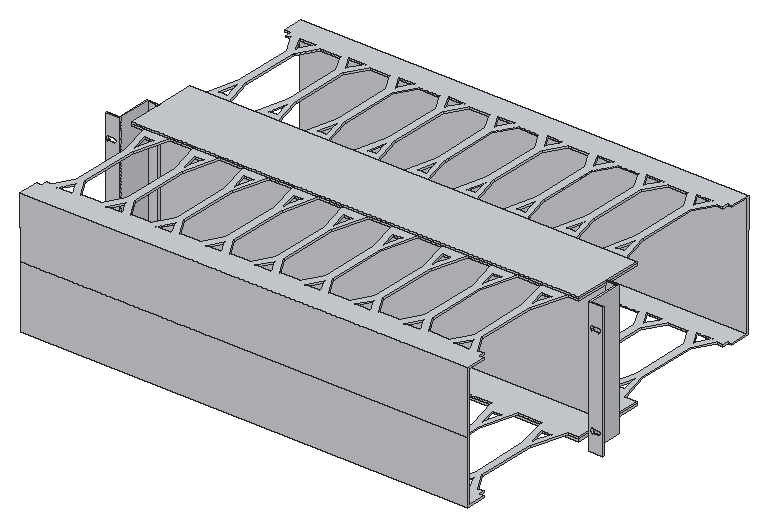
Revit family
Parameters
  Material ID = "760128868"
  Description = "Horizontal Trough Kit, 19-inch rack mountable, Double Sided, 3U height"
Reference planes (in)
  plane 1 "Center (Front/Back)": y = 0
  plane 2: z = 0
  plane 3 "Center (Left/Right)": x = 0
Forms (in)
  Extrusion 1, solid
    sketch origin (0, 0, 0) x (0, 1, 0) y (0, 0, 1)
      loop
        line (0, 0) -> (0, -2.52) -> (0.811, -2.52) -> (0.811, -2.456) -> (0.064, -2.456) -> (0.064, 2.456) -> (0.811, 2.456) -> (0.811, 2.52) -> (0, 2.52) -> (0, 0)
    from -7.99558 to 10.00747
  Extrusion 2, solid
    sketch origin (0, 0, 0) x (0, 1, 0) y (0, 0, 1)
      loop
        line (7.068, 2.52) -> (0.811, 2.52) -> (0.811, 2.456) -> (7.004, 2.456) -> (7.004, -2.456) -> (0.811, -2.456) -> (0.811, -2.52) -> (7.068, -2.52) -> (7.068, 2.52)
    from -7.99558 to 10.00747
  Extrusion 3, solid
    sketch origin (0, 14.136, 0) x (0, -1, 0) y (0, 0, -1)
      loop
        line (0, 0) -> (0, -2.52) -> (0.811, -2.52) -> (0.811, -2.456) -> (0.064, -2.456) -> (0.064, 2.456) -> (0.811, 2.456) -> (0.811, 2.52) -> (0, 2.52) -> (0, 0)
    from -7.99558 to 10.00747
  Extrusion 4, solid
    sketch origin (0, 14.136, 0) x (0, -1, 0) y (0, 0, -1)
      loop
        line (7.068, -2.52) -> (7.068, 2.52) -> (0.811, 2.52) -> (0.811, 2.456) -> (7.004, 2.456) -> (7.004, -2.456) -> (0.811, -2.456) -> (0.811, -2.52) -> (7.068, -2.52)
    from -7.99558 to 10.00747
  Extrusion 5, void
    sketch origin (0, 0, 0) x (1, 0, 0) y (0, 1, 0)
      loop
        line (-7.49557, 5.62) -> (-9.49557, 5.62) -> (-9.49557, 0.811) -> (-7.75941, 0.811) -> (-7.75941, 1.05437) -> (-7.57634, 1.05437) -> (-7.14864, 1.79517) -> (-7.14864, 4.19795) -> (-7.49557, 5.62)
      loop
        line (-6.46693, 5.62) -> (-6.85112, 4.21804) -> (-6.85112, 1.82069) -> (-6.40868, 1.05437) -> (-5.75941, 1.05437) -> (-5.57634, 1.05437) -> (-5.14864, 1.79517) -> (-5.14864, 4.19795) -> (-5.49557, 5.62) -> (-6.46693, 5.62)
      loop
        line (-7.14755, 5.21027) -> (-6.97533, 4.50435) -> (-6.78188, 5.21027) -> (-7.14755, 5.21027)
      loop
        line (-7.30451, 0.95725) -> (-6.64615, 0.95725) -> (-6.97533, 1.5274) -> (-7.30451, 0.95725)
      loop
        line (-4.46693, 5.62) -> (-4.85112, 4.21804) -> (-4.85112, 1.82069) -> (-4.40868, 1.05437) -> (-3.75941, 1.05437) -> (-3.57634, 1.05437) -> (-3.14864, 1.79517) -> (-3.14864, 4.19795) -> (-3.49557, 5.62) -> (-4.46693, 5.62)
      loop
        line (-5.14755, 5.21027) -> (-4.97533, 4.50435) -> (-4.78188, 5.21027) -> (-5.14755, 5.21027)
      loop
        line (-5.30451, 0.95725) -> (-4.64615, 0.95725) -> (-4.97533, 1.5274) -> (-5.30451, 0.95725)
      loop
        line (-2.46693, 5.62) -> (-2.85112, 4.21804) -> (-2.85112, 1.82069) -> (-2.40868, 1.05437) -> (-1.75941, 1.05437) -> (-1.57634, 1.05437) -> (-1.14864, 1.79517) -> (-1.14864, 4.19795) -> (-1.49557, 5.62) -> (-2.46693, 5.62)
      loop
        line (-3.14755, 5.21027) -> (-2.97533, 4.50435) -> (-2.78188, 5.21027) -> (-3.14755, 5.21027)
      loop
        line (-3.30451, 0.95725) -> (-2.64615, 0.95725) -> (-2.97533, 1.5274) -> (-3.30451, 0.95725)
      loop
        line (-0.46693, 5.62) -> (-0.85112, 4.21804) -> (-0.85112, 1.82069) -> (-0.40868, 1.05437) -> (0.24059, 1.05437) -> (0.42366, 1.05437) -> (0.85136, 1.79517) -> (0.85136, 4.19795) -> (0.50443, 5.62) -> (-0.46693, 5.62)
      loop
        line (-1.14755, 5.21027) -> (-0.97533, 4.50435) -> (-0.78188, 5.21027) -> (-1.14755, 5.21027)
      loop
        line (-1.30451, 0.95725) -> (-0.64615, 0.95725) -> (-0.97533, 1.5274) -> (-1.30451, 0.95725)
      loop
        line (1.53307, 5.62) -> (1.14888, 4.21804) -> (1.14888, 1.82069) -> (1.59132, 1.05437) -> (2.24059, 1.05437) -> (2.42366, 1.05437) -> (2.85136, 1.79517) -> (2.85136, 4.19795) -> (2.50443, 5.62) -> (1.53307, 5.62)
      loop
        line (0.85245, 5.21027) -> (1.02467, 4.50435) -> (1.21812, 5.21027) -> (0.85245, 5.21027)
      loop
        line (0.69549, 0.95725) -> (1.35385, 0.95725) -> (1.02467, 1.5274) -> (0.69549, 0.95725)
      loop
        line (3.53307, 5.62) -> (3.14888, 4.21804) -> (3.14888, 1.82069) -> (3.59132, 1.05437) -> (4.24059, 1.05437) -> (4.42366, 1.05437) -> (4.85136, 1.79517) -> (4.85136, 4.19795) -> (4.50443, 5.62) -> (3.53307, 5.62)
      loop
        line (2.85245, 5.21027) -> (3.02467, 4.50435) -> (3.21812, 5.21027) -> (2.85245, 5.21027)
      loop
        line (2.69549, 0.95725) -> (3.35385, 0.95725) -> (3.02467, 1.5274) -> (2.69549, 0.95725)
      loop
        line (5.53307, 5.62) -> (5.14888, 4.21804) -> (5.14888, 1.82069) -> (5.59132, 1.05437) -> (6.24059, 1.05437) -> (6.42366, 1.05437) -> (6.85136, 1.79517) -> (6.85136, 4.19795) -> (6.50443, 5.62) -> (5.53307, 5.62)
      loop
        line (4.85245, 5.21027) -> (5.02467, 4.50435) -> (5.21812, 5.21027) -> (4.85245, 5.21027)
      loop
        line (4.69549, 0.95725) -> (5.35385, 0.95725) -> (5.02467, 1.5274) -> (4.69549, 0.95725)
      loop
        line (7.53307, 5.62) -> (7.14888, 4.21804) -> (7.14888, 1.82069) -> (7.59132, 1.05437) -> (8.24059, 1.05437) -> (8.42366, 1.05437) -> (8.85136, 1.79517) -> (8.85136, 4.19795) -> (8.50443, 5.62) -> (7.53307, 5.62)
      loop
        line (6.85245, 5.21027) -> (7.02467, 4.50435) -> (7.21812, 5.21027) -> (6.85245, 5.21027)
      loop
        line (6.69549, 0.95725) -> (7.35385, 0.95725) -> (7.02467, 1.5274) -> (6.69549, 0.95725)
      loop
        line (9.53307, 5.62) -> (9.14888, 4.21804) -> (9.14888, 1.82069) -> (9.59132, 1.05437) -> (9.84019, 1.05437) -> (9.84019, 0.811) -> (11.78307, 0.811) -> (11.78307, 5.62) -> (9.53307, 5.62)
      loop
        line (8.85245, 5.21027) -> (9.02467, 4.50435) -> (9.21812, 5.21027) -> (8.85245, 5.21027)
      loop
        line (8.69549, 0.95725) -> (9.35385, 0.95725) -> (9.02467, 1.5274) -> (8.69549, 0.95725)
    from -5.49853 to 12
  Extrusion 6, void
    sketch origin (0, 0, 0) x (1, 0, 0) y (0, 1, 0)
      loop
        line (10.00747, 8.516) -> (10.71768, 8.516) -> (10.71768, 13.325) -> (9.84019, 13.325) -> (9.84019, 13.08163) -> (9.59132, 13.08163) -> (9.14888, 12.31531) -> (9.14888, 9.91796) -> (9.53307, 8.516) -> (10.00747, 8.516)
      loop
        line (8.50443, 8.516) -> (8.85136, 9.93805) -> (8.85136, 12.34083) -> (8.42366, 13.08163) -> (7.59132, 13.08163) -> (7.14888, 12.31531) -> (7.14888, 9.91796) -> (7.53307, 8.516) -> (8.50443, 8.516)
      loop
        line (9.02467, 12.6086) -> (9.35385, 13.17875) -> (8.69549, 13.17875) -> (9.02467, 12.6086)
      loop
        line (9.02467, 9.63165) -> (8.85245, 8.92573) -> (9.21812, 8.92573) -> (9.02467, 9.63165)
      loop
        line (6.85136, 9.93805) -> (6.85136, 12.34083) -> (6.42366, 13.08163) -> (5.59132, 13.08163) -> (5.14888, 12.31531) -> (5.14888, 9.91796) -> (5.53307, 8.516) -> (6.50443, 8.516) -> (6.85136, 9.93805)
      loop
        line (4.85136, 9.93805) -> (4.85136, 12.34083) -> (4.42366, 13.08163) -> (3.59132, 13.08163) -> (3.14888, 12.31531) -> (3.14888, 9.91796) -> (3.53307, 8.516) -> (4.50443, 8.516) -> (4.85136, 9.93805)
      loop
        line (2.85136, 9.93805) -> (2.85136, 12.34083) -> (2.42366, 13.08163) -> (1.59132, 13.08163) -> (1.14888, 12.31531) -> (1.14888, 9.91796) -> (1.53307, 8.516) -> (2.50443, 8.516) -> (2.85136, 9.93805)
      loop
        line (0.85136, 9.93805) -> (0.85136, 12.34083) -> (0.42366, 13.08163) -> (-0.40868, 13.08163) -> (-0.85112, 12.31531) -> (-0.85112, 9.91796) -> (-0.46693, 8.516) -> (0.50443, 8.516) -> (0.85136, 9.93805)
      loop
        line (-1.14864, 9.93805) -> (-1.14864, 12.34083) -> (-1.57634, 13.08163) -> (-2.40868, 13.08163) -> (-2.85112, 12.31531) -> (-2.85112, 9.91796) -> (-2.46693, 8.516) -> (-1.49557, 8.516) -> (-1.14864, 9.93805)
      loop
        line (-3.14864, 9.93805) -> (-3.14864, 12.34083) -> (-3.57634, 13.08163) -> (-4.40868, 13.08163) -> (-4.85112, 12.31531) -> (-4.85112, 9.91796) -> (-4.46693, 8.516) -> (-3.49557, 8.516) -> (-3.14864, 9.93805)
      loop
        line (-5.14864, 9.93805) -> (-5.14864, 12.34083) -> (-5.57634, 13.08163) -> (-6.40868, 13.08163) -> (-6.85112, 12.31531) -> (-6.85112, 9.91796) -> (-6.46693, 8.516) -> (-5.49557, 8.516) -> (-5.14864, 9.93805)
      loop
        line (-7.14864, 9.93805) -> (-7.14864, 12.34083) -> (-7.57634, 13.08163) -> (-7.75941, 13.08163) -> (-7.75941, 13.325) -> (-8.50941, 13.325) -> (-8.50941, 8.516) -> (-7.99558, 8.516) -> (-7.49557, 8.516) -> (-7.14864, 9.93805)
      loop
        line (7.02467, 12.6086) -> (7.35385, 13.17875) -> (6.69549, 13.17875) -> (7.02467, 12.6086)
      loop
        line (7.02467, 9.63165) -> (6.85245, 8.92573) -> (7.21812, 8.92573) -> (7.02467, 9.63165)
      loop
        line (5.02467, 12.6086) -> (5.35385, 13.17875) -> (4.69549, 13.17875) -> (5.02467, 12.6086)
      loop
        line (5.02467, 9.63165) -> (4.85245, 8.92573) -> (5.21812, 8.92573) -> (5.02467, 9.63165)
      loop
        line (3.02467, 12.6086) -> (3.35385, 13.17875) -> (2.69549, 13.17875) -> (3.02467, 12.6086)
      loop
        line (3.02467, 9.63165) -> (2.85245, 8.92573) -> (3.21812, 8.92573) -> (3.02467, 9.63165)
      loop
        line (1.02467, 12.6086) -> (1.35385, 13.17875) -> (0.69549, 13.17875) -> (1.02467, 12.6086)
      loop
        line (1.02467, 9.63165) -> (0.85245, 8.92573) -> (1.21812, 8.92573) -> (1.02467, 9.63165)
      loop
        line (-0.97533, 12.6086) -> (-0.64615, 13.17875) -> (-1.30451, 13.17875) -> (-0.97533, 12.6086)
      loop
        line (-0.97533, 9.63165) -> (-1.14755, 8.92573) -> (-0.78188, 8.92573) -> (-0.97533, 9.63165)
      loop
        line (-2.97533, 12.6086) -> (-2.64615, 13.17875) -> (-3.30451, 13.17875) -> (-2.97533, 12.6086)
      loop
        line (-2.97533, 9.63165) -> (-3.14755, 8.92573) -> (-2.78188, 8.92573) -> (-2.97533, 9.63165)
      loop
        line (-4.97533, 12.6086) -> (-4.64615, 13.17875) -> (-5.30451, 13.17875) -> (-4.97533, 12.6086)
      loop
        line (-4.97533, 9.63165) -> (-5.14755, 8.92573) -> (-4.78188, 8.92573) -> (-4.97533, 9.63165)
      loop
        line (-6.97533, 12.6086) -> (-6.64615, 13.17875) -> (-7.30451, 13.17875) -> (-6.97533, 12.6086)
      loop
        line (-6.97533, 9.63165) -> (-7.14755, 8.92573) -> (-6.78188, 8.92573) -> (-6.97533, 9.63165)
    from -5.87664 to 12
  Extrusion 7, solid
    sketch origin (0, 0, 0) x (1, 0, 0) y (0, 1, 0)
      loop
        line (-7.99558, 7.004) -> (-8.49558, 7.004) -> (-8.49558, 5.61746) -> (-8.99558, 5.61746) -> (-8.99558, 5.55346) -> (-8.43158, 5.55346) -> (-8.43158, 5.61746) -> (-8.43158, 6.94) -> (-7.99558, 6.94) -> (-7.99558, 7.004)
      loop
        line (10.00747, 7.004) -> (10.00747, 6.94) -> (10.44347, 6.94) -> (10.44347, 5.61746) -> (10.44347, 5.55346) -> (11.00747, 5.55346) -> (11.00747, 5.61746) -> (10.50747, 5.61746) -> (10.50747, 7.004) -> (10.00747, 7.004)
    from -2.76714 to 2.61
  Extrusion 8, void
    sketch origin (0, 0, 0) x (1, 0, 0) y (0, 0, 1)
      loop
        spline (-8.8841, 1.81056) -> (-8.90181, 1.8072) -> (-8.91831, 1.79733) -> (-8.93248, 1.78162) -> (-8.94335, 1.76116) -> (-8.95018, 1.73732) -> (-8.95251, 1.71175) -> (-8.95018, 1.68617) -> (-8.94335, 1.66234) -> (-8.93248, 1.64187) -> (-8.91831, 1.62617) -> (-8.90181, 1.61629) -> (-8.8841, 1.61293)
        line (-8.8841, 1.61293) -> (-8.6341, 1.61293)
        spline (-8.6341, 1.61293) -> (-8.61568, 1.61629) -> (-8.59852, 1.62617) -> (-8.58378, 1.64187) -> (-8.57247, 1.66234) -> (-8.56536, 1.68617) -> (-8.56294, 1.71175) -> (-8.56536, 1.73732) -> (-8.57247, 1.76116) -> (-8.58378, 1.78162) -> (-8.59852, 1.79733) -> (-8.61568, 1.8072) -> (-8.6341, 1.81056)
        line (-8.6341, 1.81056) -> (-8.8841, 1.81056)
      loop
        spline (-8.8841, -1.88418) -> (-8.90181, -1.88754) -> (-8.91831, -1.89742) -> (-8.93248, -1.91312) -> (-8.94335, -1.93359) -> (-8.95018, -1.95742) -> (-8.95251, -1.983) -> (-8.95018, -2.00857) -> (-8.94335, -2.0324) -> (-8.93248, -2.05287) -> (-8.91831, -2.06857) -> (-8.90181, -2.07845) -> (-8.8841, -2.08181)
        line (-8.8841, -2.08181) -> (-8.6341, -2.08181)
        spline (-8.6341, -2.08181) -> (-8.61568, -2.07845) -> (-8.59852, -2.06857) -> (-8.58378, -2.05287) -> (-8.57247, -2.0324) -> (-8.56536, -2.00857) -> (-8.56294, -1.983) -> (-8.56536, -1.95742) -> (-8.57247, -1.93359) -> (-8.58378, -1.91312) -> (-8.59852, -1.89742) -> (-8.61568, -1.88754) -> (-8.6341, -1.88418)
        line (-8.6341, -1.88418) -> (-8.8841, -1.88418)
      loop
        spline (10.6159, 1.81056) -> (10.59819, 1.8072) -> (10.58169, 1.79733) -> (10.56752, 1.78162) -> (10.55665, 1.76116) -> (10.54982, 1.73732) -> (10.54749, 1.71175) -> (10.54982, 1.68617) -> (10.55665, 1.66234) -> (10.56752, 1.64187) -> (10.58169, 1.62617) -> (10.59819, 1.61629) -> (10.6159, 1.61293)
        line (10.6159, 1.61293) -> (10.8659, 1.61293)
        spline (10.8659, 1.61293) -> (10.88432, 1.61629) -> (10.90148, 1.62617) -> (10.91622, 1.64187) -> (10.92753, 1.66234) -> (10.93464, 1.68617) -> (10.93706, 1.71175) -> (10.93464, 1.73732) -> (10.92753, 1.76116) -> (10.91622, 1.78162) -> (10.90148, 1.79733) -> (10.88432, 1.8072) -> (10.8659, 1.81056)
        line (10.8659, 1.81056) -> (10.6159, 1.81056)
      loop
        spline (10.6159, -1.88418) -> (10.59819, -1.88754) -> (10.58169, -1.89742) -> (10.56752, -1.91312) -> (10.55665, -1.93359) -> (10.54982, -1.95742) -> (10.54749, -1.983) -> (10.54982, -2.00857) -> (10.55665, -2.0324) -> (10.56752, -2.05287) -> (10.58169, -2.06857) -> (10.59819, -2.07845) -> (10.6159, -2.08181)
        line (10.6159, -2.08181) -> (10.8659, -2.08181)
        spline (10.8659, -2.08181) -> (10.88432, -2.07845) -> (10.90148, -2.06857) -> (10.91622, -2.05287) -> (10.92753, -2.0324) -> (10.93464, -2.00857) -> (10.93706, -1.983) -> (10.93464, -1.95742) -> (10.92753, -1.93359) -> (10.91622, -1.91312) -> (10.90148, -1.89742) -> (10.88432, -1.88754) -> (10.8659, -1.88418)
        line (10.8659, -1.88418) -> (10.6159, -1.88418)
    from -14.85026 to 12
  Extrusion 9, solid
    sketch origin (0, 0, 0) x (1, 0, 0) y (0, 1, 0)
      loop
        line (-7.99558, 5.62) -> (10.00747, 5.62) -> (10.00747, 8.516) -> (-7.99558, 8.516) -> (-7.99558, 5.62)
    from 2.52 to 2.61
  Extrusion 10, solid
    sketch origin (0, 0, 0) x (1, 0, 0) y (0, 1, 0)
      loop
        line (10.00747, 5.62) -> (10.00747, 8.516) -> (-7.99558, 8.516) -> (-7.99558, 5.62) -> (10.00747, 5.62)
    from -2.52 to -2.61
Cuts and joins
  Extrusion 5, Extrusion 6, Extrusion 8 cuts Extrusion 1
  Extrusion 5, Extrusion 6, Extrusion 8 cuts Extrusion 2
  Extrusion 6, Extrusion 8 cuts Extrusion 3
  Extrusion 6, Extrusion 8 cuts Extrusion 4
  Extrusion 8 cuts Extrusion 7
  joined: Extrusion 1, Extrusion 2, Extrusion 3, Extrusion 4, Extrusion 7
